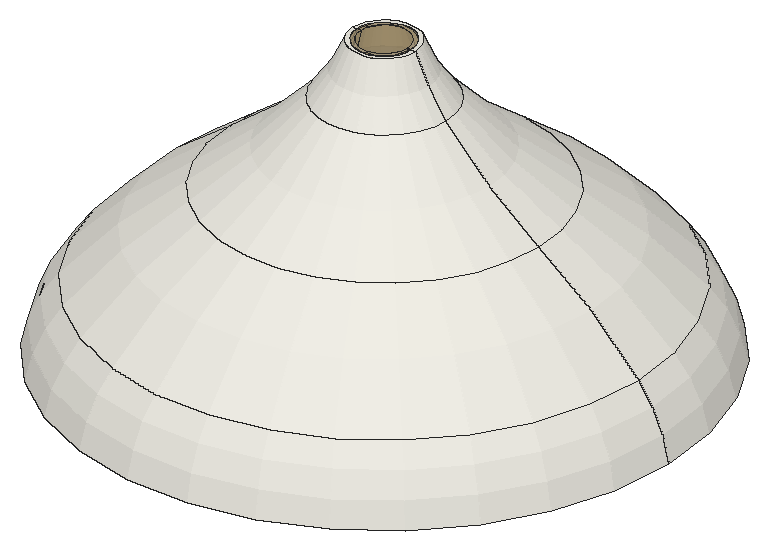
Revit family "Haworth_Swell_Lamp", category Lighting Fixtures, Revit 2018
Family settings
  Round Connector Dimension = Use Diameter
  Part Type = Normal
  OmniClass Number = 23.80.70.11.14
  OmniClass Title = General Luminaries, Directional
  Work Plane-Based = No
  Always vertical = Yes
  Cut with Voids When Loaded = No
  Light Source = Yes
  Shared = No
  Room Calculation Point = No
Parameters (values of type "LSP1-1610")
  Wattage Comments = ""
  Wattage = 11 W
  built-in parameter 1150110 = 1 (stored number, unit not read)
  built-in parameter 1114217 = 1 (stored number, unit not read)
  Tilt Angle = 60.00°
  built-in parameter 1150109 = 1 (stored number, unit not read)
  built-in parameter 1150134 = (empty or 0)
  built-in parameter 1150113 = 1 (stored number, unit not read)
  Small [instance] = no
  Size = "Verify Final Dim. w/Haworth"  # constant formula
  Photometric Web File = "generic"
  built-in parameter 1150142 = (empty or 0)
  Medium [instance] = no
  built-in parameter 1150105 = 63.901 (stored number, unit not read)
  Lumens = 803 lm
  built-in parameter 1150115 = 1 (stored number, unit not read)
  built-in parameter 1150137 = (empty or 0)
  built-in parameter 1150139 = (empty or 0)
  Large [instance] = yes
  built-in parameter 1150112 = 1 (stored number, unit not read)
  built-in parameter 1150114 = 1 (stored number, unit not read)
  Interior Finish = Haworth _ Brass
  built-in parameter 1150132 = (empty or 0)
  built-in parameter 1150102 = (empty or 0)
  built-in parameter 1150107 = 3000 (stored number, unit not read)
  built-in parameter 1150138 = (empty or 0)
  built-in parameter 1150106 = 0.63901 (stored number, unit not read)
  Emit from Circle Diameter = 24"
  Emit Shape Visible in Rendering = no
  built-in parameter 1150104 = 6.7819 (stored number, unit not read)
  Dimming Lamp Color Temperature Shift = <None>
  Color Filter = 16777215
  Warranty = "https://www.haworth.com/resources/product-info/warranties"
  URL - Product = "https://www.haworth.com/products/lighting/pendant/swell"
  URL = "http://www.haworth.com/our-brands/haworth-collection"
  Revision Number = "1"  # constant formula
  Model = "LSP1-1610"
  Manufacturer = "Haworth"  # constant formula
  Lamp Finish [instance] = Haworth _ Paint _ Collection White
  Glass Finish = Haworth _ Glass _ Clear
  Description = "Haworth Swell\""
  built-in parameter 1114218 = 1 (stored number, unit not read)
  Author = "Haworth (Abd Rahman)"  # constant formula
  built-in parameter 1150133 = 10 (stored number, unit not read)
  Assembly Code = "D5020200"
  Actual Width = 24"  # constant formula
  Actual Height = 10"  # constant formula
  Actual Depth = 24"  # constant formula
Reference planes (in)
  plane 1 "Center F/B": y = 8.82887
  plane 2 "Base": z = 0
  plane 3 "Center L/R": x = -16.34139
  plane 4: x = -24.34139
  plane 5: x = -8.34139
  plane 6: y = 16.82887
  plane 7: y = 0.82887
Forms (in)
  Revolve 1, solid, material "Haworth _ Paint _ Collection White" <- "Lamp Finish", visible <- "Large"
    sketch origin (0, 8.82887, 0) x (1, 0, 0) y (0, 0, 1)
      loop
        arc (-8.34139, 53.52668) -> (-8.64289, 54.4871) -> (-9.19615, 55.32805) r 3.63614
        arc (-9.19615, 55.32805) -> (-10.50598, 56.62104) -> (-11.9858, 57.71538) r 12.95588
        arc (-11.9858, 57.71538) -> (-13.3787, 58.74808) -> (-14.60823, 59.97073) r 12
        arc (-14.60823, 59.97073) -> (-15.10188, 60.65219) -> (-15.46713, 61.41027) r 4.73535
        line (-15.46713, 61.41027) -> (-15.57549, 61.41027)
        arc (-15.57549, 61.41027) -> (-15.19885, 60.61656) -> (-14.68486, 59.90408) r 4.83691
        arc (-14.68486, 59.90408) -> (-13.44492, 58.67108) -> (-12.04024, 57.62964) r 12.10156
        arc (-12.04024, 57.62964) -> (-10.57201, 56.54388) -> (-9.27245, 55.26102) r 12.85432
        arc (-9.27245, 55.26102) -> (-8.73464, 54.44356) -> (-8.44157, 53.50997) r 3.53458
        line (-8.44157, 53.50997) -> (-8.34139, 53.52668)
      axis (-16.34139, 61.41027) -> (-16.34139, 53.50997)
    angle from 0 to 360
  Revolve 2, solid, material "Haworth _ Paint _ Collection White" <- "Lamp Finish", visible <- "Medium"
    sketch origin (0, 8.82887, 0) x (1, 0, 0) y (0, 0, 1)
      loop
        arc (-10.8012, 53.50997) -> (-11.61647, 54.84202) -> (-12.50384, 56.12717) r 28.35728
        arc (-12.50384, 56.12717) -> (-13.37857, 57.34071) -> (-14.23551, 58.56687) r 102.56906
        arc (-14.23551, 58.56687) -> (-14.82885, 59.5815) -> (-15.26711, 60.67212) r 8
        arc (-15.26711, 60.67212) -> (-15.37523, 61.039) -> (-15.46713, 61.41027) r 8.70317
        line (-15.46713, 61.41027) -> (-15.57118, 61.41027)
        arc (-15.57118, 61.41027) -> (-15.47623, 61.02343) -> (-15.36387, 60.64128) r 8.80473
        arc (-15.36387, 60.64128) -> (-14.92005, 59.53681) -> (-14.31918, 58.5093) r 8.10156
        arc (-14.31918, 58.5093) -> (-13.46139, 57.28192) -> (-12.5858, 56.06718) r 102.67062
        arc (-12.5858, 56.06718) -> (-11.7016, 54.78664) -> (-10.88925, 53.45936) r 28.25572
        arc (-10.88925, 53.45936) -> (-10.52055, 52.48882) -> (-10.47302, 51.4517) r 3.28614
        line (-10.47302, 51.4517) -> (-10.37083, 51.4517)
        arc (-10.37083, 51.4517) -> (-10.42227, 52.51507) -> (-10.8012, 53.50997) r 3.3877
      axis (-16.34139, 61.41027) -> (-16.34139, 51.4517)
    angle from 0 to 360
  Revolve 3, solid, material "Haworth _ Paint _ Collection White" <- "Lamp Finish", visible <- "Small"
    sketch origin (0, 8.82887, 0) x (1, 0, 0) y (0, 0, 1)
      loop
        line (-15.49506, 61.41027) -> (-15.59792, 61.41027)
        arc (-15.59792, 61.41027) -> (-15.2102, 59.55642) -> (-14.64788, 57.74785) r 19.88718
        arc (-14.64788, 57.74785) -> (-14.52716, 57.43632) -> (-14.39369, 57.13003) r 8.10156
        arc (-14.39369, 57.13003) -> (-13.6727, 55.41442) -> (-13.06897, 53.65412) r 27.59713
        arc (-13.06897, 53.65412) -> (-12.60668, 51.57707) -> (-12.47129, 49.4535) r 13.71211
        line (-12.47129, 49.4535) -> (-12.36972, 49.4535)
        arc (-12.36972, 49.4535) -> (-12.50623, 51.59208) -> (-12.97185, 53.68381) r 13.81367
        arc (-12.97185, 53.68381) -> (-13.5778, 55.45059) -> (-14.30144, 57.17251) r 27.69869
        arc (-14.30144, 57.17251) -> (-14.43323, 57.47496) -> (-14.55245, 57.78259) r 8
        arc (-14.55245, 57.78259) -> (-15.10985, 59.57406) -> (-15.49506, 61.41027) r 19.78562
      axis (-16.34139, 49.4535) -> (-16.34139, 61.41027)
    angle from 0 to 360
  Revolve 4, solid, material "Haworth _ Glass _ Clear" <- "Glass Finish"
    sketch origin (0, 8.82887, 0) x (1, 0, 0) y (0, 0, 1)
      loop
        line (-15.59106, 61.41027) -> (-15.69708, 61.41027)
        arc (-15.69708, 61.41027) -> (-15.5311, 60.47676) -> (-15.58934, 59.5304) r 4.00299
        line (-15.58934, 59.5304) -> (-15.65302, 59.5304)
        arc (-15.65302, 59.5304) -> (-15.56408, 59.02761) -> (-15.32462, 58.57664) r 1.6378
        arc (-15.32462, 58.57664) -> (-15.3004, 58.48763) -> (-15.344, 58.40635) r 0.12465
        line (-15.344, 58.40635) -> (-15.26556, 58.40635)
        arc (-15.26556, 58.40635) -> (-15.17866, 58.51476) -> (-15.24344, 58.63767) r 0.12669
        arc (-15.24344, 58.63767) -> (-15.46805, 59.06067) -> (-15.55148, 59.53229) r 1.53624
        line (-15.55148, 59.53229) -> (-15.48581, 59.53229)
        arc (-15.48581, 59.53229) -> (-15.42941, 60.47739) -> (-15.59106, 61.41027) r 4.10456
      axis (-16.34139, 61.41027) -> (-16.34139, 58.40635)
    angle from 0 to 360
Lines and regions (in)
  Masking region 1, visible <- "Large"
    outline origin (0, 0, 0) x (1, 0, 0) y (0, 1, 0)
      loop
        circle (-16.34139, 8.82887) r 8
      loop
        circle (-16.34139, 8.82887) r 7.89982
  Masking region 2, visible <- "Medium"
    outline origin (0, 0, 0) x (1, 0, 0) y (0, 1, 0)
      loop
        circle (-16.34139, 8.82887) r 5.97056
      loop
        circle (-16.34139, 8.82887) r 5.86837
  Masking region 3, visible <- "Small"
    outline origin (0, 0, 0) x (1, 0, 0) y (0, 1, 0)
      loop
        circle (-16.34139, 8.82887) r 3.97167
      loop
        circle (-16.34139, 8.82887) r 3.8701
  symbolic lines, style "LightingFixturesHiddenLines", detail levels medium+fine
    curve 1: circle (-16.34139, 8.82887, 0) r 1.16565 normal (0, 0, 1)
    curve 2: circle (-16.34139, 8.82887, 0) r 1.09796 normal (0, 0, 1)
Dimensions and locks (in)
  plane 6 to plane 7 = 16"
  plane 5 to plane 4 = 16"
  Revolve 1 sketch curve to plane 5 = 8"
  aligned and locked: plane 5 to Revolve 1
  aligned and locked: plane 4 to Revolve 1
  aligned and locked: Revolve 3 to Revolve 4
